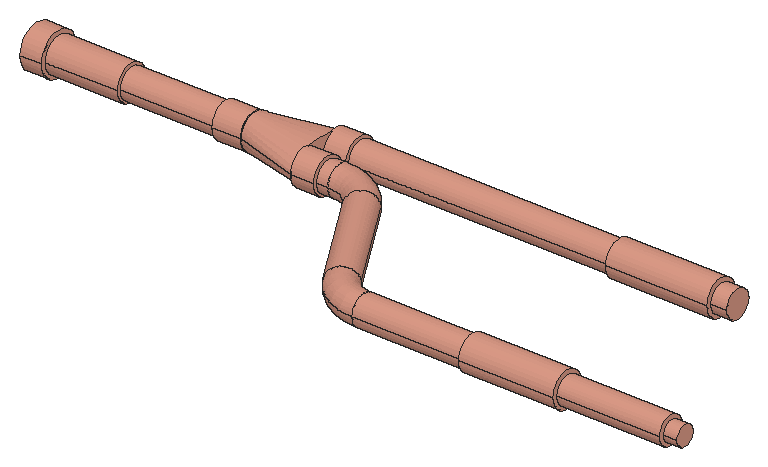
Revit family "outputfile", category 配管付属品, Revit 2024
Family settings
  丸型コネクタ寸法 = 半径を使用
  パーツ タイプ = 標準
  OmniClass 番号 = 23.65.55.00
  OmniClass タイトル = Distribution of Supplied Liquids/Gases
  作業面ベース = いいえ
  常に垂直 = はい
  ロード時にボイドで切り取り = いいえ
  共有 = いいえ
Parameters (values of type "KHRP25A72T + KHRP25M72TP")
  Description = ""
  製造元 = "Daikin"
  書き出し IFC クラス(タイプ) = "IfcPipeFittingType"
  定義済み IFC タイプ(タイプ) = "JUNCTION"
  Cost = 0
  Type Comments = ""
  Keynote = ""
  Type Image = (empty or 0)
  Assembly Code = ""
  mm⇔inch [instance] = yes
  l_InletPipe4 = 12.0 mm
  built-in parameter 1114242 [instance] = (empty or 0)
  Default Elevation = 0.0 mm
  モデル = "KHRP25A72T + KHRP25M72TP"
  table_StraightPipe [instance] = if(mm⇔inch, "Refnet Joint_KHRP25A-T_Liquid_StraightPipe", "Refnet Joint_KHRP25A-T_Liquid_StraightPipe_inch")  # "Refnet Joint_KHRP25A-T_Liquid_StraightPipe"
  table_BranchPipe [instance] = if(mm⇔inch, "Refnet Joint_KHRP25A-T_Liquid_BranchPipe", "Refnet Joint_KHRP25A-T_Liquid_BranchPipe_inch")  # "Refnet Joint_KHRP25A-T_Liquid_BranchPipe"
  table_Inlet [instance] = if(mm⇔inch, "Refnet Joint_KHRP25A-T_Liquid_Inlet", "Refnet Joint_KHRP25A-T_Liquid_Inlet_inch")  # "Refnet Joint_KHRP25A-T_Liquid_Inlet"
  switch_StraightPipe_Reducer [instance] = if(Is_StraightPipe Reducer = 1, 1 = 1, 1 = 0)  # no
  switch_StraightPipe3 [instance] = if(number_StraightPipe = 3, 1 = 1, 1 = 0)  # no
  switch_StraightPipe2 [instance] = if(number_StraightPipe < 2, 1 = 0, 1 = 1)  # yes
  switch_BranchPipe_Reducer [instance] = if(Is_BranchPipe Reducer = 1, 1 = 1, 1 = 0)  # no
  switch_BranchPipe3 [instance] = if(number_BranchPipe = 3, 1 = 1, 1 = 0)  # yes
  switch_BranchPipe2 [instance] = if(number_BranchPipe < 2, 1 = 0, 1 = 1)  # yes
  switch_Inlet pipe_Reducer [instance] = if(Is_Inlet Reducer = 1, 1 = 1, 1 = 0)  # no
  switch_Inlet pipe3 [instance] = if(number_InletPipe = 3, 1 = 1, 1 = 0)  # no
  switch_Inlet pipe2 [instance] = if(number_InletPipe < 2, 1 = 0, 1 = 1)  # yes
  Uniclass2015Version = "Products v1.31"
  Uniclass2015Title = "Copper pipe fittings"
  Uniclass2015Code = "Pr_65_52_63_18"
  URL = ""
  StraightPipe_Liquid_ActualDiameter [instance] = 9.5 mm
  Material_Piping = DAIKIN_Copper_Pipe
  Material_Insulation = DAIKIN_White_Insulation
  lw_Insulation [instance] = size_lookup(table_Inlet, "lw_Insulation", 26.0 mm, モデル)  # 52.3 mm
  Unit Type = "KHRP25A-T_Liquid"
  Tag No. [instance] = ""
  StraightPipe_Liquid_Status [instance] = size_lookup(table_StraightPipe, "Information", "The connected pipe size is not available.", モデル, StraightPipe_Liquid_ActualDiameter)  # "Default connector size is used."
  Link_Nested Family [instance] = ""
  Inlet_Liquid_Actual Diameter [instance] = 15.9 mm
  IfcVersion = ""
  IfcExportType = "JUNCTION"
  IfcExportAs = "IfcPipeFittingType"
  BranchPipe_Liquid_Status [instance] = size_lookup(table_BranchPipe, "Information", "The connected pipe size is not available.", モデル, BranchPipe_Liquid_ActualDiameter)  # "Default connector size is used."
  Inlet_Liquid_Status [instance] = size_lookup(table_Inlet, "Information", "The connected pipe size is not available.", モデル, Inlet_Liquid_Actual Diameter)  # "Default connector size is used."
  Series = "Refnet Joint"
  O.R_dividePipe_Inlet [instance] = (I.D_InletPipe1 + 2.0 mm) / 2  # 7.35 mm
  r_StraightPipe_Connector [instance] = StraightPipe_Liquid_ActualDiameter / 2  # 4.75 mm
  r_BranchPipe_Connector [instance] = BranchPipe_Liquid_ActualDiameter / 2  # 3.2 mm
  r_Inlet_Connector [instance] = Inlet_Liquid_Actual Diameter / 2  # 7.95 mm
  number_StraightPipe [instance] = size_lookup(table_StraightPipe, "pipeNumber", 2, モデル, StraightPipe_Liquid_ActualDiameter)  # 2
  number_BranchPipe [instance] = size_lookup(table_BranchPipe, "pipeNumber", 2, モデル, BranchPipe_Liquid_ActualDiameter)  # 3
  number_InletPipe [instance] = size_lookup(table_Inlet, "pipeNumber", 1, モデル, Inlet_Liquid_Actual Diameter)  # 2
  r_BranchPipeR [instance] = size_lookup(table_BranchPipe, "r_offsetPipeR", 18.0 mm, モデル, BranchPipe_Liquid_ActualDiameter)  # 20.0 mm
  l_BranchPipe_Straight2 [instance] = size_lookup(table_BranchPipe, "L_offsetPipe2", 25.5 mm, モデル)  # 46.0 mm
  l_BranchPipe_Straight1 [instance] = size_lookup(table_BranchPipe, "L_offsetPipe1", 5.0 mm, モデル)  # 5.0 mm
  l_BranchPipe connector [instance] = size_lookup(table_BranchPipe, "Length", 150.0 mm, モデル, BranchPipe_Liquid_ActualDiameter)  # 212.0 mm
  l_inlet connector [instance] = size_lookup(table_Inlet, "Length", 70.0 mm, モデル, Inlet_Liquid_Actual Diameter)  # 92.0 mm
  l_dividePipe [instance] = size_lookup(table_Inlet, "L_devidePipe", 30.0 mm, モデル)  # 28.0 mm
  l_StraightPipeReducer [instance] = size_lookup(table_StraightPipe, "L_Reducer", 80.0 mm, モデル, StraightPipe_Liquid_ActualDiameter)  # 80.0 mm
  l_StraightPipe3 [instance] = size_lookup(table_StraightPipe, "L_Pipe3", 2.0 mm, モデル)  # 2.0 mm
  l_StraightPipe2 [instance] = size_lookup(table_StraightPipe, "L_Pipe2", 6.0 mm, モデル)  # 7.0 mm
  l_StraightPipe1 [instance] = size_lookup(table_StraightPipe, "L_Pipe1", 44.0 mm, モデル)  # 43.0 mm
  l_StraightPipe0 [instance] = size_lookup(table_StraightPipe, "L_Pipe0", 130.0 mm, モデル)  # 110.0 mm
  l_StraightPipe connector [instance] = size_lookup(table_StraightPipe, "Length", 190.0 mm, モデル, StraightPipe_Liquid_ActualDiameter)  # 170.0 mm
  l_BranchPipe Reducer [instance] = size_lookup(table_BranchPipe, "L_Reducer", 50.0 mm, モデル, BranchPipe_Liquid_ActualDiameter)  # 50.0 mm
  l_BranchPipe3 [instance] = size_lookup(table_BranchPipe, "L_Pipe3", 2.0 mm, モデル)  # 6.0 mm
  l_BranchPipe2 [instance] = size_lookup(table_BranchPipe, "L_Pipe2", 6.0 mm, モデル)  # 44.0 mm
  l_BranchPipe1 [instance] = size_lookup(table_BranchPipe, "L_Pipe1", 44.0 mm, モデル)  # 40.0 mm
  l_BranchPipe0 [instance] = size_lookup(table_BranchPipe, "L_Pipe0", 90.0 mm, モデル)  # 112.0 mm
  l_InletReducer [instance] = size_lookup(table_Inlet, "L_Reducer", 80.0 mm, モデル, Inlet_Liquid_Actual Diameter)  # 80.0 mm
  l_InletPipe3 [instance] = size_lookup(table_Inlet, "L_Pipe3", 2.0 mm, モデル)  # 2.0 mm
  l_InletPipe2 [instance] = size_lookup(table_Inlet, "L_Pipe2", 2.0 mm, モデル)  # 9.0 mm
  l_InletPipe1 [instance] = size_lookup(table_Inlet, "L_Pipe1", 7.0 mm, モデル)  # 31.0 mm
  l_InletPipe0 [instance] = size_lookup(table_Inlet, "L_Pipe0", 53.0 mm, モデル)  # 40.0 mm
  center_StraightPipe [instance] = size_lookup(table_StraightPipe, "center_Pipe", 6.5 mm, モデル)  # 8.5 mm
  center_BranchPipe2 [instance] = size_lookup(table_BranchPipe, "center_OffsetPipe", 73.5 mm, モデル)  # 71.8 mm
  center_BranchPipe1 [instance] = size_lookup(table_BranchPipe, "center_Pipe", 6.5 mm, モデル)  # 8.5 mm
  StraightPipe_Liquid_AvailableDiameter [instance] = size_lookup(table_StraightPipe, "sizeVariation", "", モデル)  # "9.5/12.7/15.9mm"
  BranchPipe_Liquid_AvailableDiameter [instance] = size_lookup(table_BranchPipe, "sizeVariation", "", モデル)  # "6.4/9.5/12.7mm"
  Inlet_Liquid_Available Diameter [instance] = size_lookup(table_Inlet, "sizeVariation", "", モデル)  # "12.7/15.9/19.1mm"
  O.D_StraightPipe Reducer [instance] = size_lookup(table_StraightPipe, "O.D_reducer", 2.0 mm, モデル, StraightPipe_Liquid_ActualDiameter)  # 2.0 mm
  O.D_Offset Outlet Reducer [instance] = size_lookup(table_BranchPipe, "O.D_reducer", 2.0 mm, モデル, BranchPipe_Liquid_ActualDiameter)  # 2.0 mm
  O.D_Inlet Reducer [instance] = size_lookup(table_Inlet, "O.D_reducer", 2.0 mm, モデル, Inlet_Liquid_Actual Diameter)  # 2.0 mm
  Is_StraightPipe Reducer [instance] = size_lookup(table_StraightPipe, "IsReducer", 0, モデル, StraightPipe_Liquid_ActualDiameter)  # 0
  Is_BranchPipe Reducer [instance] = size_lookup(table_BranchPipe, "IsReducer", 0, モデル, BranchPipe_Liquid_ActualDiameter)  # 0
  Is_Inlet Reducer [instance] = size_lookup(table_Inlet, "IsReducer", 0, モデル, Inlet_Liquid_Actual Diameter)  # 0
  BranchPipe_Liquid_ActualDiameter [instance] = 6.4 mm
  Attach_Insulation [instance] = no
  I.D_StraightPipe3 [instance] = size_lookup(table_StraightPipe, "I.D_PipeSize3", 2.0 mm, モデル)  # 2.0 mm
  I.D_StraightPipe2 [instance] = size_lookup(table_StraightPipe, "I.D_PipeSize2", 6.4 mm, モデル)  # 9.5 mm
  I.D_StraightPipe1 [instance] = size_lookup(table_StraightPipe, "I.D_PipeSize1", 9.5 mm, モデル)  # 12.7 mm
  I.D_StraightPipe0 [instance] = size_lookup(table_StraightPipe, "I.D_PipeSize0", 7.5 mm, モデル)  # 10.7 mm
  I.D_BranchPipe3 [instance] = size_lookup(table_BranchPipe, "I.D_PipeSize3", 2.0 mm, モデル)  # 6.4 mm
  I.D_BranchPipe2 [instance] = size_lookup(table_BranchPipe, "I.D_PipeSize2", 6.4 mm, モデル)  # 9.5 mm
  I.D_BranchPipe1 [instance] = size_lookup(table_BranchPipe, "I.D_PipeSize1", 9.5 mm, モデル)  # 12.7 mm
  I.D_BranchPipe0 [instance] = size_lookup(table_BranchPipe, "I.D_PipeSize0", 7.5 mm, モデル)  # 10.7 mm
  I.D_Straight Reducer [instance] = size_lookup(table_StraightPipe, "I.D_reducer", 2.0 mm, モデル, StraightPipe_Liquid_ActualDiameter)  # 2.0 mm
  I.D_OutletPipe [instance] = size_lookup(table_Inlet, "I.D_OutletPipeSize", 9.6 mm, モデル, Inlet_Liquid_Actual Diameter)  # 12.8 mm
  I.D_Branch Reducer [instance] = size_lookup(table_BranchPipe, "I.D_reducer", 2.0 mm, モデル, BranchPipe_Liquid_ActualDiameter)  # 2.0 mm
  I.D_Inlet Reducer [instance] = size_lookup(table_Inlet, "I.D_reducer", 2.0 mm, モデル, Inlet_Liquid_Actual Diameter)  # 2.0 mm
  I.D_InletPipe3 [instance] = size_lookup(table_Inlet, "I.D_PipeSize3", 2.0 mm, モデル)  # 2.0 mm
  I.D_InletPipe2 [instance] = size_lookup(table_Inlet, "I.D_PipeSize2", 2.0 mm, モデル)  # 15.9 mm
  I.D_InletPipe1 [instance] = size_lookup(table_Inlet, "I.D_PipeSize1", 9.5 mm, モデル)  # 12.7 mm
  I.D_InletPipe0 [instance] = size_lookup(table_Inlet, "I.D_PipeSize0", 7.5 mm, モデル)  # 10.7 mm
Reference planes
  plane 1 "Center (Front/Back)": y = 0
  plane 2: z = 0
  plane 3 "base_left": x = 0
  plane 4: x = 2
  plane 5: x = 11
  plane 6: x = 42
  plane 7: x = 82
  plane 8: x = 94
  plane 9: x = 122
  plane 10: x = 132
  plane 11 "center_straight outlet": y = 8.5
  plane 12 "center2_offset outlet": y = -71.8
  plane 13 "center1_offset outlet": y = -8.5
  plane 14: x = 242
  plane 15: x = 285
  plane 16: x = 292
  plane 17: x = 244
  plane 18: x = 284
  plane 19: x = 328
  plane 20: x = 294
  plane 21: x = 334
  plane 22 "Reducer_straightoutlet": x = 334
  plane 23: x = 292
  plane 24: y = -15.85
  plane 25: z = 7.35
  plane 26 "Inlet_connector": x = 2
  plane 27 "Left_Insulation": x = 41.7
Forms (mm)
  SweptBlend 1, solid, material "DAIKIN_Copper_Pipe" <- "Material_Piping"
    path origin (0, 0, 0) x (1, 0, 0) y (0, 1, 0)
      loop
        line (94, 0) -> (122, 0)
    profile origin (94, 0, 0) x (0, 1, 0) y (0, 0, 1)
      loop
        circle (0, 0) r 7.35
    end profile origin (122, 0, 0) x (0, 1, 0) y (0, 0, 1)
      loop
        spline (-15.85, 0) -> (-15.31, -1.902) -> (-13.727, -3.675) -> (-11.208, -5.197) -> (-7.925, -6.365) -> (-4.102, -7.1) -> (0, -7.35) -> (4.102, -7.1) -> (7.925, -6.365) -> (11.208, -5.197) -> (13.727, -3.675) -> (15.31, -1.902) -> (15.85, 0)
        spline (15.85, 0) -> (15.31, 1.902) -> (13.727, 3.675) -> (11.208, 5.197) -> (7.925, 6.365) -> (4.102, 7.1) -> (0, 7.35) -> (-4.102, 7.1) -> (-7.925, 6.365) -> (-11.208, 5.197) -> (-13.727, 3.675) -> (-15.31, 1.902) -> (-15.85, 0)
Dimensions and locks
  "l_InletPipe3": plane 3 "base_left" to plane 4
  "l_InletPipe2": plane 4 to plane 5
  "l_InletPipe1": plane 5 to plane 6
  "l_InletPipe0": plane 6 to plane 7
  "l_InletPipe4": plane 7 to plane 8
  "center_StraightPipe": plane 1 "Center (Front/Back)" to plane 11 "center_straight outlet"
  "center_BranchPipe2": plane 12 "center2_offset outlet" to plane 1 "Center (Front/Back)"
  "center_BranchPipe1": plane 13 "center1_offset outlet" to plane 1 "Center (Front/Back)"
  "l_dividePipe": plane 8 to plane 9
  plane 9 to plane 10 = 10.0 mm
  "l_StraightPipe0": plane 10 to plane 14
  "l_BranchPipe0": plane 10 to plane 17
  "l_BranchPipe1": plane 17 to plane 18
  "l_BranchPipe2": plane 18 to plane 19
  "l_StraightPipe1": plane 14 to plane 15
  "l_StraightPipe2": plane 15 to plane 16
  "l_StraightPipe3": plane 16 to plane 20
  "l_BranchPipe3": plane 19 to plane 21
  "l_BranchPipe connector": plane 9 to plane 22 "Reducer_straightoutlet"
  "l_StraightPipe connector": plane 9 to plane 23
  "O.R_dividePipe_Inlet": plane 24 to plane 13 "center1_offset outlet"
  "O.R_dividePipe_Inlet": plane 25 to plane 2
  "l_inlet connector": plane 26 "Inlet_connector" to plane 8
  "lw_Insulation": plane 27 "Left_Insulation" to plane 8
  "O.R_dividePipe_Inlet": radius of SweptBlend 1 sketch curve
  aligned and locked: level to plane 2
  aligned and locked: plane 2 to nested 1
  aligned and locked: plane 3 "base_left" to nested 1
  aligned and locked: plane 1 "Center (Front/Back)" to nested 1
  aligned and locked: plane 4 to nested 2
  aligned and locked: plane 1 "Center (Front/Back)" to nested 2
  aligned and locked: plane 5 to nested 2
  aligned and locked: plane 5 to nested 3
  aligned and locked: plane 6 to nested 3
  aligned and locked: plane 6 to nested 4
  aligned and locked: nested 4 to plane 7
  aligned and locked: nested 5 to plane 7
  aligned and locked: nested 5 to plane 8
  aligned and locked: plane 8 to SweptBlend 1 sketch curve
  aligned and locked: plane 9 to SweptBlend 1 sketch curve
  aligned and locked: plane 2 to SweptBlend 1 sketch curve  (x2)
  aligned and locked: plane 1 "Center (Front/Back)" to SweptBlend 1 sketch curve  (x2)
  aligned and locked: nested 6 to plane 9
  aligned and locked: nested 7 to plane 9
  aligned and locked: nested 6 to plane 11 "center_straight outlet"
  aligned and locked: nested 7 to plane 13 "center1_offset outlet"
  aligned and locked: nested 7 to plane 10
  aligned and locked: nested 6 to plane 10
  aligned and locked: nested 8 to plane 10
  aligned and locked: plane 14 to nested 8
  aligned and locked: nested 8 to plane 11 "center_straight outlet"
  aligned and locked: plane 14 to nested 9
  aligned and locked: nested 9 to plane 11 "center_straight outlet"
  aligned and locked: plane 15 to nested 9
  aligned and locked: nested 10 to plane 11 "center_straight outlet"
  aligned and locked: plane 15 to nested 10
  aligned and locked: plane 16 to nested 10
  aligned and locked: nested 11 to plane 12 "center2_offset outlet"
  aligned and locked: plane 17 to nested 11
  aligned and locked: plane 18 to nested 11
  aligned and locked: nested 12 to plane 12 "center2_offset outlet"
  aligned and locked: plane 18 to nested 12
  aligned and locked: plane 19 to nested 12
  aligned and locked: nested 13 to plane 10
  aligned and locked: nested 13 to plane 13 "center1_offset outlet"
  aligned and locked: nested 13 to plane 12 "center2_offset outlet"
  aligned and locked: plane 8 to nested 14
  aligned and locked: plane 1 "Center (Front/Back)" to nested 14
  aligned and locked: plane 11 "center_straight outlet" to nested 15
  aligned and locked: nested 15 to plane 9
  aligned and locked: nested 16 to plane 9
  aligned and locked: plane 12 "center2_offset outlet" to nested 16
  aligned and locked: nested 17 to plane 1 "Center (Front/Back)"
  aligned and locked: plane 16 to nested 18
  aligned and locked: plane 20 to nested 18
  aligned and locked: plane 19 to nested 19
  aligned and locked: plane 21 to nested 19
  aligned and locked: nested 20 to plane 12 "center2_offset outlet"
  aligned and locked: plane 23 to nested 21
  aligned and locked: nested 21 to plane 11 "center_straight outlet"
  aligned and locked: plane 4 to nested 1
  aligned and locked: plane 24 to SweptBlend 1 sketch curve
  aligned and locked: plane 25 to SweptBlend 1 sketch curve
  aligned and locked: nested 19 to plane 12 "center2_offset outlet"
  aligned and locked: nested 18 to plane 11 "center_straight outlet"
  aligned and locked: nested 17 to plane 26 "Inlet_connector"
  aligned and locked: plane 22 "Reducer_straightoutlet" to nested 20
  aligned and locked: plane 27 "Left_Insulation" to nested 22
  aligned and locked: plane 1 "Center (Front/Back)" to nested 22
Automatic sketch dimensions
  plane 1 "Center (Front/Back)" to SweptBlend 1 sketch curve = 0.0 mm
Nested families
  nested 1: "daikin_Pipe" at (1, 0, 0), I.D_Pipe <- "I.D_InletPipe3", display <- "switch_Inlet pipe3", type "*"
    with length_Pipe 2.0 mm, display no, O.D_Pipe 4.0 mm, I.D_Pipe 2.0 mm
  nested 2: "daikin_Pipe" at (6.5, 0, 0), I.D_Pipe <- "I.D_InletPipe2", display <- "switch_Inlet pipe2", type "*"
    with length_Pipe 9.0 mm, display yes, O.D_Pipe 17.9 mm, I.D_Pipe 15.9 mm
  nested 3: "daikin_Pipe" at (26.5, 0, 0), I.D_Pipe <- "I.D_InletPipe1", type "*"
    with length_Pipe 31.0 mm, display yes, O.D_Pipe 14.7 mm, I.D_Pipe 12.7 mm
  nested 4: "daikin_Pipe" at (62, 0, 0), I.D_Pipe <- "I.D_InletPipe0", type "*"
    with length_Pipe 40.0 mm, display yes, O.D_Pipe 12.7 mm, I.D_Pipe 10.7 mm
  nested 5: "daikin_Pipe" at (88, 0, 0), I.D_Pipe <- "I.D_InletPipe1", type "*"
    with length_Pipe 12.0 mm, display yes, O.D_Pipe 14.7 mm, I.D_Pipe 12.7 mm
  nested 6: "daikin_Pipe" at (127, 8.5, 0), I.D_Pipe <- "I.D_OutletPipe", type "*"
    with length_Pipe 10.0 mm, display yes, O.D_Pipe 14.8 mm, I.D_Pipe 12.8 mm
  nested 7: "daikin_Pipe" at (127, -8.5, 0), I.D_Pipe <- "I.D_OutletPipe", type "*"
    with length_Pipe 10.0 mm, display yes, O.D_Pipe 14.8 mm, I.D_Pipe 12.8 mm
  nested 8: "daikin_Pipe" at (187, 8.5, 0), I.D_Pipe <- "I.D_StraightPipe0", type "*"
    with length_Pipe 110.0 mm, display yes, O.D_Pipe 12.7 mm, I.D_Pipe 10.7 mm
  nested 9: "daikin_Pipe" at (263.5, 8.5, 0), I.D_Pipe <- "I.D_StraightPipe1", type "*"
    with length_Pipe 43.0 mm, display yes, O.D_Pipe 14.7 mm, I.D_Pipe 12.7 mm
  nested 10: "daikin_Pipe" at (288.5, 8.5, 0), I.D_Pipe <- "I.D_StraightPipe2", display <- "switch_StraightPipe2", type "*"
    with length_Pipe 7.0 mm, display yes, O.D_Pipe 11.5 mm, I.D_Pipe 9.5 mm
  nested 11: "daikin_Pipe" at (264, -71.8, 0), I.D_Pipe <- "I.D_BranchPipe1", type "*"
    with length_Pipe 40.0 mm, display yes, O.D_Pipe 14.7 mm, I.D_Pipe 12.7 mm
  nested 12: "daikin_Pipe" at (306, -71.8, 0), I.D_Pipe <- "I.D_BranchPipe2", display <- "switch_BranchPipe2", type "*"
    with length_Pipe 44.0 mm, display yes, O.D_Pipe 11.5 mm, I.D_Pipe 9.5 mm
  nested 13: "daikin_Pipe Ofsset" at (132, -8.5, 0), I.D_Pipe size <- "I.D_BranchPipe0", length_straight pipe1 <- "l_BranchPipe_Straight1", length_straight pipe2 <- "l_BranchPipe_Straight2", r_Pipe R <- "r_BranchPipeR", length_Pipe <- "l_BranchPipe0", type "*"
    with r_Pipe R 20.0 mm, length_straight pipe2 46.0 mm, length_straight pipe1 5.0 mm, length_offset center 63.3 mm, length_Pipe 112.0 mm, O.D_Pipe size 12.7 mm, I.D_Pipe size 10.7 mm
  nested 14: "daikin_connector_rotate2" at (94, 0, 0) x (0, -1, 0) z (0, 0, 1), length <- "l_inlet connector", type "daikin_connector_rotate2"
    with radius 5.0 mm, length 92.0 mm, angle_vertical 90.00°, locaton_mark no
  nested 15: "daikin_connector_rotate2" at (122, 8.5, 0) x (0, 1, 0) z (0, 0, 1), length <- "l_StraightPipe connector", type "daikin_connector_rotate2"
    with radius 5.0 mm, length 170.0 mm, angle_vertical 90.00°, locaton_mark no
  nested 16: "daikin_connector_rotate2" at (122, -71.8, 0) x (0, 1, 0) z (0, 0, 1), length <- "l_BranchPipe connector", type "daikin_connector_rotate2"
    with radius 5.0 mm, length 212.0 mm, angle_vertical 90.00°, locaton_mark no
  nested 17: "daikin_Pipe_reducer" at (42, 0, 0) x (-1, 0, 0) z (0, 0, 1), display <- "switch_Inlet pipe_Reducer", length_Pipe <- "l_InletReducer", I.D_Pipe1 <- "I.D_Inlet Reducer", O.D_Pipe2 <- "O.D_Inlet Reducer", type "*"
    with length_Pipe 80.0 mm, display no, O.D_Pipe2 2.0 mm, O.D_Pipe1 4.0 mm, I.D_Pipe2 0.0 mm, I.D_Pipe1 2.0 mm
  nested 18: "daikin_Pipe" at (293, 8.5, 0), I.D_Pipe <- "I.D_StraightPipe3", display <- "switch_StraightPipe3", type "*"
    with length_Pipe 2.0 mm, display no, O.D_Pipe 4.0 mm, I.D_Pipe 2.0 mm
  nested 19: "daikin_Pipe" at (331, -71.8, 0), I.D_Pipe <- "I.D_BranchPipe3", display <- "switch_BranchPipe3", type "*"
    with length_Pipe 6.0 mm, display yes, O.D_Pipe 8.4 mm, I.D_Pipe 6.4 mm
  nested 20: "daikin_Pipe_reducer" at (309, -71.8, 0), I.D_Pipe1 <- "I.D_Branch Reducer", O.D_Pipe2 <- "O.D_Offset Outlet Reducer", length_Pipe <- "l_BranchPipe Reducer", display <- "switch_BranchPipe_Reducer", type "*"
    with length_Pipe 50.0 mm, display no, O.D_Pipe2 2.0 mm, O.D_Pipe1 4.0 mm, I.D_Pipe2 0.0 mm, I.D_Pipe1 2.0 mm
  nested 21: "daikin_Pipe_reducer" at (252, 8.5, 0), I.D_Pipe1 <- "I.D_Straight Reducer", O.D_Pipe2 <- "O.D_StraightPipe Reducer", length_Pipe <- "l_StraightPipeReducer", display <- "switch_StraightPipe_Reducer", type "*"
    with length_Pipe 80.0 mm, display no, O.D_Pipe2 2.0 mm, O.D_Pipe1 4.0 mm, I.D_Pipe2 0.0 mm, I.D_Pipe1 2.0 mm
  nested 22: "daikin_Insulation_RefnetJoint" at (41.7, 0, 0), I.D_Outlet PipeSize <- "I.D_OutletPipe", type "*"
    with h 44.8 mm, I.D_Outlet PipeSize 12.8 mm, d_Insulation3_3 66.6 mm, d_Insulation2_2 34.0 mm, d_Insulation1_1 23.3 mm, w_Insulation5 191.0 mm, w_Insulation4 67.3 mm, w_Insulation3 19.5 mm, w_Insulation2 56.6 mm, w_Insulation1 9.0 mm, display no, d_Insulation3 63.1 mm, d_Insulation2 35.5 mm, d_Insulation1 24.8 mm
Connectors
  piping at (2, 0, 0), diameter 15.9, driven by "r_Inlet_Connector"
    settings: on nested 14, index 1, connector inside diameter 609.6 mm, connector length 0.0 mm, flow factor 0, pipe flow 0.00 m³/h, pressure drop 0.0 Pa, fitting loss kfactor 0, connector angle 0.00°, fixture units 0, engagement length 0.0 mm, angle of deflection 0.00°, flow configuration 0, flow direction 1, fitting loss method 0, system type 29, joint type 0, gender type 0, connector reference index -1, connector utility 0, adjustable connector no, is connector primary yes, connector description "Refnet Joint_Inlet_Liquid"
  piping at (334, -71.8, 0), diameter 6.4, driven by "r_BranchPipe_Connector"
    settings: on nested 16, index 2, connector inside diameter 609.6 mm, connector length 0.0 mm, flow factor 0, pipe flow 0.00 m³/h, pressure drop 0.0 Pa, fitting loss kfactor 0, connector angle 0.00°, fixture units 0, engagement length 0.0 mm, angle of deflection 0.00°, flow configuration 0, flow direction 2, fitting loss method 0, system type 29, joint type 0, gender type 0, connector reference index -1, connector utility 0, adjustable connector no, is connector primary no, connector description "Refnet Joint_Outlet Branch_Liquid"
  piping at (292, 8.5, 0), diameter 9.5, driven by "r_StraightPipe_Connector"
    settings: on nested 15, index 3, connector inside diameter 609.6 mm, connector length 0.0 mm, flow factor 0, pipe flow 0.00 m³/h, pressure drop 0.0 Pa, fitting loss kfactor 0, connector angle 0.00°, fixture units 0, engagement length 0.0 mm, angle of deflection 0.00°, flow configuration 0, flow direction 2, fitting loss method 0, system type 29, joint type 0, gender type 0, connector reference index -1, connector utility 0, adjustable connector no, is connector primary no, connector description "Refnet Joint_Outlet Straight_Liquid"
Definition of nested family "daikin_Pipe"
  Parameters (values of type "*")
    Default Elevation = 0.0 mm
    material = none
    length_Pipe [instance] = 150.0 mm
    display [instance] = yes
    O.D_Pipe [instance] = I.D_Pipe + 2.0 mm  # 27.0 mm
    I.D_Pipe [instance] = 25.0 mm
  Reference planes
    plane 1 "Center (Front/Back)": y = 0
    plane 2 "center(vertical)": z = 0
    plane 3 "Center (Left/Right)": x = 0
    plane 4 "left": x = -75
    plane 5 "right": x = 75
  Forms (mm)
    Extrusion 1, solid, material <- "material", visible <- "display"
      sketch origin (0, 0, 0) x (0, 1, 0) y (0, 0, 1)
        loop
          circle (0, 0) r 13.5
      from -75 to 75
  Dimensions and locks
    equal spacing: plane 4 "left", plane 3 "Center (Left/Right)", plane 5 "right"
    "length_Pipe": plane 4 "left" to plane 5 "right"
    "O.D_Pipe": diameter of Extrusion 1 sketch curve
    aligned and locked: level to plane 2 "center(vertical)"
    aligned and locked: plane 2 "center(vertical)" to Extrusion 1 sketch curve
    aligned and locked: plane 1 "Center (Front/Back)" to Extrusion 1 sketch curve
    aligned and locked: plane 5 "right" to Extrusion 1
    aligned and locked: Extrusion 1 to plane 4 "left"
Definition of nested family "daikin_Pipe Ofsset"
  Parameters (values of type "*")
    Default Elevation = 0.0 mm
    r_Pipe R [instance] = 18.0 mm
    material = none
    length_straight pipe2 [instance] = 25.5 mm
    length_straight pipe1 [instance] = 5.0 mm
    length_offset center [instance] = 67.5 mm
    length_Pipe [instance] = 90.0 mm
    O.D_Pipe size [instance] = I.D_Pipe size + 2.0 mm  # 12.0 mm
    I.D_Pipe size [instance] = 10.0 mm
  Reference planes
    plane 1 "Center (Front/Back)": y = 0
    plane 2: z = 0
    plane 3 "Center (Left/Right)": x = 0
    plane 4: y = -67.5
    plane 5: x = 90
    plane 6: x = 64.5
    plane 7: x = 5
  Forms (mm)
    Sweep 1, solid, material <- "material"
      path origin (0, 0, 0) x (1, 0, 0) y (0, 1, 0)
        loop
          line (0, 0) -> (5, 0)
          arc (5, 0) -> (14.03, -2.429) -> (20.623, -9.061) r 18
          line (20.623, -9.061) -> (48.877, -58.439)
          arc (48.877, -58.439) -> (55.47, -65.071) -> (64.5, -67.5) r 18
          line (64.5, -67.5) -> (90, -67.5)
      profile origin (2.5, 0, 0) x (0, 1, 0) y (0, 0, 1)
        loop
          circle (0, 0) r 6
  Dimensions and locks
    "length_offset center": plane 4 to plane 1 "Center (Front/Back)"
    "length_straight pipe1": plane 3 "Center (Left/Right)" to plane 7
    "length_Pipe": plane 3 "Center (Left/Right)" to plane 5
    "length_straight pipe2": plane 6 to plane 5
    "O.D_Pipe size": diameter of Sweep 1 sketch curve
    "r_Pipe R": radius of Sweep 1 sketch curve  (x2)
    aligned and locked: level to plane 2
    aligned and locked: plane 1 "Center (Front/Back)" to Sweep 1 sketch curve
    aligned and locked: profile plane to Sweep 1 sketch curve
    aligned and locked: plane 5 to Sweep 1 sketch curve
    aligned and locked: plane 7 to Sweep 1 sketch curve
    aligned and locked: plane 6 to Sweep 1 sketch curve
  Automatic sketch dimensions
    plane 1 "Center (Front/Back)" to Sweep 1 sketch curve = 0.0 mm
    Sweep 1 sketch curve to plane 3 "Center (Left/Right)" = 0.0 mm
    plane 4 to Sweep 1 sketch curve = 0.0 mm
Definition of nested family "daikin_connector_rotate2"
  Parameters (values of type "daikin_connector_rotate2")
    show_face = no
    radius [instance] = 10.0 mm
    locaton_mark = yes
    length [instance] = 600.0 mm
    d_surface = 10.0 mm
    angle_vertical [instance] = 90.00°
    Default Elevation = 0.0 mm
  Reference planes
    plane 1 "Center (Front/Back)": y = 0
    plane 2: z = 0
    plane 3 "Center (Left/Right)": x = 0
  Forms (mm)
    Extrusion 1, solid, visible <- "show_face"
      sketch origin (0, -600, 0) x (1, 0, 0) y (0, 0, 1)
        loop
          circle (0, 0) r 10
      from 0 to -10
  Lines and regions (mm)
    reference lines
      curve 1: line (0, 0, 0) -> (0, -600, 0)
    symbolic lines, visible <- "locaton_mark"
      curve 2: circle (0, 0, 0) r 5 normal (0, 0, 1)
    model lines, visible <- "show_face"
      curve 3: line (0, 0, 0) -> (0, -600, 0)
  Dimensions and locks
    "length": curve 1 to curve 1
    "length": curve 3 to curve 3
    "d_surface": Extrusion 1 to Extrusion 1
    "radius": radius of Extrusion 1 sketch curve
    "angle_vertical": angle curve 1 to plane 1 "Center (Front/Back)"
    "angle_vertical": angle curve 3 to plane 1 "Center (Front/Back)"
    aligned and locked: level to plane 2
    aligned and locked: plane 1 "Center (Front/Back)" to curve 1
    aligned and locked: plane 2 to curve 1
    aligned and locked: plane 1 "Center (Front/Back)" to curve 2
    aligned and locked: plane 3 "Center (Left/Right)" to curve 2
    aligned and locked: plane 1 "Center (Front/Back)" to curve 3
    aligned and locked: plane 2 to curve 3
    aligned and locked: Extrusion 1 to Extrusion 1
  Automatic sketch dimensions
    Extrusion 1 sketch curve to level = 0.0 mm
    Extrusion 1 sketch curve to plane 3 "Center (Left/Right)" = 0.0 mm
    radius of curve 2 = 5.0 mm
Definition of nested family "daikin_Pipe_reducer"
  Parameters (values of type "*")
    Default Elevation = 0.0 mm
    material = none
    length_Pipe [instance] = 250.0 mm
    display [instance] = yes
    O.D_Pipe2 [instance] = 19.1 mm
    O.D_Pipe1 [instance] = I.D_Pipe1 + 2.0 mm  # 24.2 mm
    I.D_Pipe2 [instance] = O.D_Pipe2 - 2.0 mm  # 17.1 mm
    I.D_Pipe1 [instance] = 22.2 mm
  Reference planes
    plane 1 "Center (Front/Back)": y = 0
    plane 2 "center(vertical)": z = 0
    plane 3 "Center (Left/Right)": x = 0
    plane 4 "connection": x = -125
    plane 5 "right": x = 113
    plane 6: x = 125
  Forms (mm)
    Extrusion 1, solid, material <- "material", visible <- "display"
      sketch origin (0, 0, 0) x (0, 1, 0) y (0, 0, 1)
        loop
          circle (0, 0) r 9.55
      from -125 to 113
    Extrusion 2, solid, material <- "material", visible <- "display"
      sketch origin (0, 0, 0) x (0, 1, 0) y (0, 0, 1)
        loop
          circle (0, 0) r 12.1
      from 113 to 125
  Dimensions and locks
    locked: plane 5 "right" to plane 6 at 12
    "length_Pipe": plane 4 "connection" to plane 6
    equal spacing: plane 4 "connection", plane 3 "Center (Left/Right)", plane 6
    "O.D_Pipe2": diameter of Extrusion 1 sketch curve
    "O.D_Pipe1": diameter of Extrusion 2 sketch curve
    aligned and locked: level to plane 2 "center(vertical)"
    aligned and locked: plane 2 "center(vertical)" to Extrusion 1 sketch curve
    aligned and locked: plane 1 "Center (Front/Back)" to Extrusion 1 sketch curve
    aligned and locked: plane 5 "right" to Extrusion 1
    aligned and locked: Extrusion 1 to plane 4 "connection"
    aligned and locked: plane 2 "center(vertical)" to Extrusion 2 sketch curve
    aligned and locked: plane 1 "Center (Front/Back)" to Extrusion 2 sketch curve
    aligned and locked: Extrusion 2 to plane 5 "right"
    aligned and locked: plane 6 to Extrusion 2
Definition of nested family "daikin_Insulation_RefnetJoint"
  Parameters (values of type "*")
    d_Insulation3_3 = size_lookup(table_Insulation, "d_Insulation3_3", 131.5 mm, Model)  # 64.0 mm
    d_Insulation2_2 = size_lookup(table_Insulation, "d_Insulation2_2", 79.0 mm, Model)  # 30.0 mm
    d_Insulation1_1 = size_lookup(table_Insulation, "d_Insulation1_1", 56.0 mm, Model)  # 22.0 mm
    Default Elevation = 0.0 mm
    Model = "KHRP25A22T"
    w_Insulation5 = size_lookup(table_Insulation, "w_Insulation5", 212.0 mm, Model)  # 153.0 mm
    w_Insulation4 = size_lookup(table_Insulation, "w_Insulation4", 67.0 mm, Model)  # 48.6 mm
    w_Insulation3 = size_lookup(table_Insulation, "w_Insulation3", 34.7 mm, Model)  # 22.3 mm
    w_Insulation2 = size_lookup(table_Insulation, "w_Insulation2", 80.0 mm, Model)  # 37.5 mm
    w_Insulation1 = size_lookup(table_Insulation, "w_Insulation1", 22.0 mm, Model)  # 1.0 mm
    table_Insulation = "Refnet Joint_KHRP25A-T_Liquid_Insulation"  # constant formula
    material = none
    h [instance] = (I.D_Outlet PipeSize + 2.0 mm) + 30.0 mm  # 47.0 mm
    display = yes
    d_Insulation3 = size_lookup(table_Insulation, "d_Insulation3", 131.5 mm, Model)  # 63.0 mm
    d_Insulation2 = size_lookup(table_Insulation, "d_Insulation2", 79.0 mm, Model)  # 32.0 mm
    d_Insulation1 = size_lookup(table_Insulation, "d_Insulation1", 56.0 mm, Model)  # 24.0 mm
    I.D_Outlet PipeSize [instance] = 15.0 mm
  Reference planes
    plane 1 "Center (Front/Back)": y = 0
    plane 2: z = 0
    plane 3 "Left": x = 0
    plane 4 "top": z = 23.5
    plane 5 "bottom": z = -23.5
    plane 6: x = 1
    plane 7: x = 37.5
    plane 8: y = 22
    plane 9: y = -24
    plane 10: y = 30
    plane 11: y = -32
    plane 12: y = -97
    plane 13: x = 153
    plane 14: y = -34
    plane 15: x = 59.8
    plane 16: x = 104.4
  Forms (mm)
    Extrusion 1, solid, material <- "material", visible <- "display"
      sketch origin (-21, 0, 0) x (1, 0, 0) y (0, 1, 0)
        loop
          line (22, 22) -> (21, 22) -> (21, -24) -> (22, -24) -> (58.5, -32) -> (80.8, -32) -> (125.4, -97) -> (174, -97) -> (174, -51) -> (164.5, -51)
          arc (164.5, -51) -> (147.5, -34) -> (164.5, -17) r 17
          line (164.5, -17) -> (174, -17) -> (174, 30) -> (58.5, 30) -> (22, 22)
      from -23.5 to 23.5
  Dimensions and locks
    equal spacing: plane 4 "top", plane 2, plane 5 "bottom"
    "h": plane 4 "top" to plane 5 "bottom"
    "w_Insulation1": plane 3 "Left" to plane 6
    "w_Insulation2": plane 3 "Left" to plane 7
    "w_Insulation5": plane 3 "Left" to plane 13
    "w_Insulation3": plane 7 to plane 15
    "w_Insulation4": plane 16 to plane 13
    "d_Insulation1": plane 1 "Center (Front/Back)" to plane 9
    "d_Insulation1_1": plane 8 to plane 1 "Center (Front/Back)"
    "d_Insulation2": plane 1 "Center (Front/Back)" to plane 11
    "d_Insulation2_2": plane 10 to plane 1 "Center (Front/Back)"
    "d_Insulation3_3": plane 10 to plane 14
    "d_Insulation3": plane 14 to plane 12
    Extrusion 1 sketch curve to plane 14 to Extrusion 1 sketch curve = 17.0 mm locked, 17.0 mm locked
    aligned and locked: level to plane 2
    aligned and locked: Extrusion 1 to plane 5 "bottom"
    aligned and locked: plane 4 "top" to Extrusion 1
    aligned and locked: plane 6 to Extrusion 1  (x2)
    aligned and locked: plane 7 to Extrusion 1  (x2)
    aligned and locked: plane 6 to Extrusion 1 sketch curve
    aligned and locked: Extrusion 1 sketch curve to plane 11
    aligned and locked: plane 7 to Extrusion 1 sketch curve  (x2)
    aligned and locked: Extrusion 1 sketch curve to plane 10
    aligned and locked: Extrusion 1 sketch curve to plane 12
    aligned and locked: Extrusion 1 sketch curve to plane 13  (x2)
    aligned and locked: plane 16 to Extrusion 1 sketch curve
    aligned and locked: plane 15 to Extrusion 1 sketch curve
  Automatic sketch dimensions
    Extrusion 1 sketch curve to plane 3 "Left" = 0.0 mm
    Extrusion 1 sketch curve to plane 6 = 0.0 mm
    Extrusion 1 sketch curve to plane 9 = 0.0 mm
    Extrusion 1 sketch curve to plane 8 = 0.0 mm
    Extrusion 1 sketch curve to plane 13 = 9.5 mm
